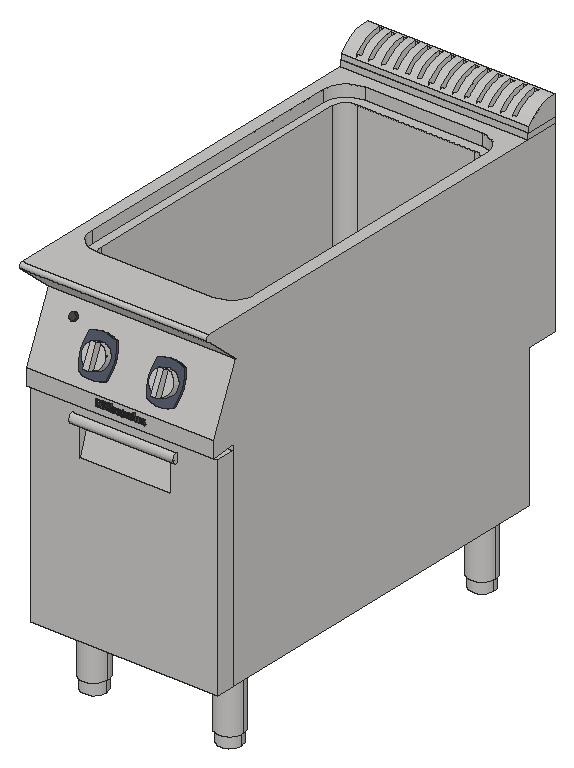
Revit family "QF_ELECTROLUXPROFESSIONAL_391410_E9OOCSBAMC", category Specialty Equipment, Revit 2018 (continued)
Automatic sketch dimensions
  Extrusion 22 sketch curve to Extrusion 22 sketch curve = 24.732 mm
  Extrusion 22 sketch curve to Extrusion 22 sketch curve = 0 mm
  Split face 1 sketch curve to Split face 1 sketch curve = 9.684 mm
  Split face 1 sketch curve to Split face 1 sketch curve = 18.622 mm
  Split face 1 sketch curve to Split face 1 sketch curve = 2.959 mm
  Split face 1 sketch curve to Split face 1 sketch curve = 21.994 mm
  Split face 1 sketch curve to Split face 1 sketch curve = 5.035 mm
  Split face 1 sketch curve to Split face 1 sketch curve = 10.085 mm
  Split face 1 sketch curve to Split face 1 sketch curve = 5.244 mm
  Split face 2 sketch curve to Split face 2 sketch curve = 9.635 mm
  Split face 2 sketch curve to Split face 2 sketch curve = 17.821 mm
  Split face 2 sketch curve to Split face 2 sketch curve = 4.557 mm
  Split face 2 sketch curve to Split face 2 sketch curve = 14.42 mm
  Split face 2 sketch curve to Split face 2 sketch curve = 22.055 mm
  Split face 2 sketch curve to Split face 2 sketch curve = 3.318 mm
  Extrusion 23 sketch curve to plane 19 = 17.333 mm
  plane 20 to Extrusion 23 sketch curve = 27.074 mm
  Extrusion 23 sketch curve to Extrusion 23 sketch curve = 0 mm
  Extrusion 23 sketch curve to Extrusion 23 sketch curve = 12.3 mm  (x2)
  plane 20 to Extrusion 23 sketch curve = 1.96 mm
  Extrusion 23 sketch curve to Extrusion 23 sketch curve = 34.925 mm  (x2)
  plane 19 to Extrusion 23 sketch curve = 8.394 mm
  Extrusion 23 sketch curve to Extrusion 23 sketch curve = 46.691 mm
  Extrusion 23 sketch curve to plane 19 = 17.95 mm
  Extrusion 25 sketch curve to Extrusion 25 sketch curve = 24.732 mm
  Extrusion 25 sketch curve to Extrusion 25 sketch curve = 0 mm
  Split face 3 sketch curve to Split face 3 sketch curve = 9.684 mm
  Split face 3 sketch curve to Split face 3 sketch curve = 18.622 mm
  Split face 3 sketch curve to Split face 3 sketch curve = 2.959 mm
  Split face 3 sketch curve to Split face 3 sketch curve = 21.994 mm
  Split face 3 sketch curve to Split face 3 sketch curve = 5.035 mm
  Split face 3 sketch curve to Split face 3 sketch curve = 10.085 mm
  Split face 3 sketch curve to Split face 3 sketch curve = 5.244 mm
  Split face 4 sketch curve to Split face 4 sketch curve = 9.635 mm
  Split face 4 sketch curve to Split face 4 sketch curve = 17.821 mm
  Split face 4 sketch curve to Split face 4 sketch curve = 4.557 mm
  Split face 4 sketch curve to Split face 4 sketch curve = 14.42 mm
  Split face 4 sketch curve to Split face 4 sketch curve = 22.055 mm
  Split face 4 sketch curve to Split face 4 sketch curve = 3.318 mm
  Extrusion 26 sketch curve to plane 18 = 0 mm
  curve 68 to curve 93 = 0 mm
  curve 70 to curve 76 = 0 mm
  curve 72 to curve 78 = 0 mm  (x2)
  curve 74 to curve 80 = 0 mm  (x2)
  curve 76 to curve 91 = 0 mm  (x2)
  curve 82 to curve 93 = 0 mm  (x2)
  curve 84 to curve 88 = 0 mm  (x2)
  curve 85 to curve 89 = 0 mm
  plane 1 "BACK" to curve 10 = 0 mm
  curve 10 to plane 4 "RIGHT" = 0 mm
  curve 7 to plane 4 "RIGHT" = 0 mm
  plane 5 "FRONT" to curve 8 = 0 mm
  plane 13 to curve 79 = 0 mm
  curve 86 to plane 18 = 0 mm
  curve 9 to plane 3 "LEFT" = 0 mm
  plane 5 "FRONT" to curve 1 = 0 mm
  plane 5 "FRONT" to curve 3 = 0 mm
  curve 71 to plane 4 "RIGHT" = 25 mm
  plane 1 "BACK" to curve 63 = 6.761 mm
  plane 15 to curve 63 = 25.347 mm
  curve 63 to curve 64 = 9.296 mm
  plane 15 to curve 76 = 10 mm
  plane 15 to curve 62 = 0.859 mm
  curve 61 to plane 20 = 1.781 mm
  curve 90 to plane 20 = 0.218 mm
  plane 20 to curve 8 = 8.022 mm
  plane 20 to curve 70 = 9.782 mm
  plane 20 to curve 89 = 9.782 mm
  plane 20 to curve 79 = 9.782 mm
  plane 1 "BACK" to curve 58 = 6.761 mm
  plane 20 to curve 58 = 14.412 mm
  curve 57 to curve 56 = 9.296 mm
  curve 56 to curve 54 = 16.193 mm
  curve 53 to curve 52 = 9.296 mm
  plane 1 "BACK" to curve 50 = 6.761 mm
  curve 51 to curve 50 = 16.193 mm
  curve 47 to curve 48 = 9.296 mm
  curve 46 to plane 19 = 11.905 mm
  curve 44 to plane 19 = 2.61 mm
  plane 19 to curve 42 = 13.583 mm
  plane 7 "Center Y" to curve 39 = 8.121 mm
  curve 38 to plane 7 "Center Y" = 8.071 mm
  curve 37 to curve 36 = 9.296 mm
  plane 1 "BACK" to curve 34 = 6.761 mm
  curve 35 to curve 34 = 16.193 mm
  curve 33 to curve 32 = 9.296 mm
  plane 1 "BACK" to curve 30 = 6.761 mm
  curve 31 to curve 30 = 16.193 mm
  curve 29 to curve 28 = 9.296 mm
  curve 28 to curve 26 = 16.193 mm
  curve 25 to curve 24 = 9.296 mm
  curve 24 to curve 22 = 16.193 mm
  curve 19 to curve 20 = 9.296 mm
  curve 68 to plane 18 = 10 mm
  curve 79 to plane 18 = 10 mm
  curve 83 to plane 18 = 10 mm
  plane 18 to curve 15 = 1.513 mm
  plane 16 to curve 7 = 3.881 mm
  curve 15 to plane 16 = 0.809 mm
  plane 1 "BACK" to curve 14 = 6.761 mm
  curve 15 to curve 14 = 16.193 mm
  curve 13 to curve 12 = 9.296 mm
  curve 7 to curve 4 = 4.082 mm
  plane 1 "BACK" to curve 62 = 6.761 mm
  plane 1 "BACK" to curve 54 = 6.761 mm
  plane 1 "BACK" to curve 15 = 6.761 mm
  plane 1 "BACK" to curve 46 = 6.761 mm
  plane 1 "BACK" to curve 19 = 6.761 mm
  plane 1 "BACK" to curve 42 = 6.761 mm
  plane 1 "BACK" to curve 23 = 6.761 mm
  plane 1 "BACK" to curve 38 = 6.761 mm
  curve 27 to curve 30 = 57.15 mm
  curve 29 to curve 33 = 0 mm
  curve 33 to curve 36 = 0 mm
  curve 26 to curve 28 = 0 mm
  curve 37 to curve 40 = 0 mm
  curve 22 to curve 24 = 0 mm
  curve 41 to curve 44 = 0 mm
  curve 18 to curve 20 = 0 mm
  curve 45 to curve 48 = 0 mm
  curve 14 to curve 16 = 0 mm
  curve 49 to curve 52 = 0 mm
  curve 53 to curve 61 = 0 mm
  curve 61 to curve 64 = 0 mm
  curve 53 to curve 56 = 0 mm
  curve 12 to curve 9 = 7.979 mm
  curve 69 to plane 12 = 24.11 mm
  curve 86 to curve 68 = 0 mm
  curve 89 to plane 8 "Center X" = 141.643 mm
  curve 7 to curve 5 = 57 mm
  radius of Extrusion 17 sketch curve = 12.7 mm
  radius of Extrusion 18 sketch curve = 6.35 mm
  radius of Extrusion 19 sketch curve = 9.525 mm
  radius of Extrusion 21 sketch curve = 25.4 mm
  radius of Extrusion 22 sketch curve to Extrusion 21 = 0 mm  (x2)
  radius of Extrusion 24 sketch curve = 25.4 mm
  radius of Extrusion 25 sketch curve to Extrusion 24 = 0 mm  (x2)
  radius of Extrusion 26 sketch curve = 7.5 mm
Connectors
  piping at (232, -780, 176), diameter 25.4
    settings: on Extrusion 17, index 1, connector inside diameter 1", connector length 0 mm, flow factor 0, pipe flow 0 GPM, pressure drop 0.00 psi, fitting loss kfactor 0, connector angle 0.00°, fixture units 0, engagement length 0 mm, angle of deflection 0.00°, flow configuration 1, flow direction 2, fitting loss method 0, system type 16, joint type 0, gender type 0, connector reference index -1, connector utility 0, adjustable connector no, is connector primary yes, connector description "DRAIN"
  piping at (65, -703, 190), diameter 12.8
    settings: on Extrusion 18, index 2, connector inside diameter 0.50394", connector length 0 mm, flow factor 0, pipe flow 0 GPM, pressure drop 0.00 psi, fitting loss kfactor 0, connector angle 0.00°, fixture units 0, engagement length 0 mm, angle of deflection 0.00°, flow configuration 1, flow direction 1, fitting loss method 0, system type 7, joint type 0, gender type 0, connector reference index -1, connector utility 0, adjustable connector no, is connector primary no, connector description "GAS CONNECTION"
  piping at (335, -700, 200), diameter 19
    settings: on Extrusion 19, index 3, connector inside diameter 0.74803", connector length 0 mm, flow factor 0, pipe flow 0 GPM, pressure drop 0.00 psi, fitting loss kfactor 0, connector angle 0.00°, fixture units 0, engagement length 0 mm, angle of deflection 0.00°, flow configuration 1, flow direction 1, fitting loss method 0, system type 20, joint type 0, gender type 0, connector reference index -1, connector utility 0, adjustable connector no, is connector primary no, connector description "WATER INLET"
